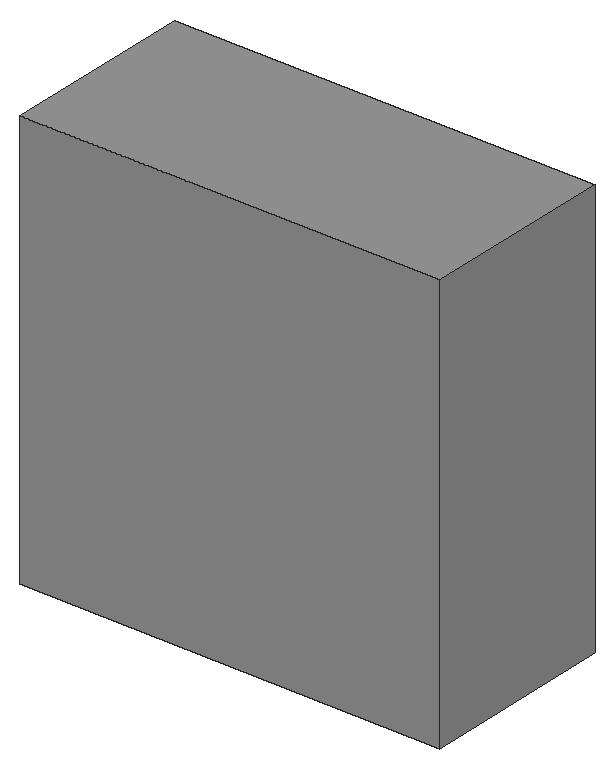
Revit family "BM_Zentrale_V1700", category Brandmelder, Revit 2017
Family settings
  Beschriftungsausrichtung beibehalten = Nein
  Bemaßung runder Anschluss = Durchmesser verwenden
  Teiletyp = Normal
  OmniClass-Nummer = 23.85.30.21
  OmniClass-Titel = Environmental Detection/Registration
  Arbeitsebenenbasiert = Nein
  Immer vertikal = Ja
  Beim Laden mit Abzugskörper schneiden = Ja
  Gemeinsam genutzt = Nein
  Raumberechnungspunkt = Nein
Parameters (values of type "RWA_Zentrale")
  pbr_Material_KZ = ""
  pbr_Material = none
  pbr_E_Typ = ""
  pbr_E_KZ = ""
  pbr_DINBild = 0
  pbr_Bild = 0
  pbr_3Dx_Delta_Korrekturversatz [instance] = 0 mm
  pbr_3DX_Versatzfaktor [instance] = 0
  pbr_2DY_Versatzfaktor [instance] = 0
  pbr_2DX_Versatzfaktor [instance] = 0
  lfd_STRK [instance] = 0
  Zentrale [instance] = ""
  Winkel [instance] = 90.00°
  Typ [instance] = ""
  Tiefe = 37 mm
  Text3 [instance] = ""
  Text2 [instance] = ""
  Text1 [instance] = ""
  Spannung [instance] = 0
  Scheinleistung [instance] = 0 VA
  RWA Zentrale = yes
  RAS-Zentrale = no
  Polig [instance] = 1
  Planungsbüro Osnabrück = "www.pbr.de"
  Netzart = ""
  Nennstrom [instance] = 0
  Menge (Dosenzahl) [instance] = 1
  Länge = Breite  # 80 mm
  Loop [instance] = ""
  Linie/Anschluss [instance] = ""
  Leistungsfaktor [instance] = 0
  Lastklassifizierung = none
  Installationsart = ""
  Info [instance] = ""
  Gewerk [instance] = "RWA"
  Eckversatz [instance] = 0 mm
  YFrontversatz [instance] = if(pbr_2DY_Versatzfaktor = 300, 0 mm, pbr_2DY_Versatzfaktor * 300 mm)  # 0 mm
  XSeitenversatz [instance] = if(pbr_2DX_Versatzfaktor = 0, 3000 mm, 3000 mm + (pbr_2DX_Versatzfaktor * 300 mm)) + Eckversatz  # 3000 mm
  X3Dversatz [instance] = if([3DX_Versatzkontrolle] = 0, 2000 mm, 2000 mm + ([3DX_Versatzkontrolle] * (300 mm - Breite))) + pbr_3Dx_Delta_Korrekturversatz  # 2000 mm
  Niveau [instance] = 1200 mm
  Bus [instance] = ""
  Breite = 80 mm
  Brandmeldezentrale (BMA) = no
  Brandfallsteuerung = no
  Betriebsstrom ruhe [instance] = 0
  Betriebsstrom max [instance] = 0
  3DX_Versatzkontrolle [instance] = if(pbr_3DX_Versatzfaktor = 0, (pbr_2DX_Versatzfaktor * -1), (((-1 * pbr_3DX_Versatzfaktor) + pbr_2DX_Versatzfaktor) * -1))  # 0
Types (4, lengths in mm): name | RWA Zentrale | RAS-Zentrale | Gewerk | Brandmeldezentrale (BMA) | Brandfallsteuerung
  RWA_Zentrale | yes | no | "RWA" | no | no
  BMA_Zentrale | no | no | "Brandmelder" | yes | no
  Brandfallsteuerung | no | no | "Brandmelder" | no | yes
  RAS_Zentrale | no | yes | "RAS" | no | no
Reference planes
  plane 1 "Mitte (Vorne/Hinten)": y = 0
  plane 2: z = 0
  plane 3 "Mitte (Links/Rechts)": x = 22.5
  plane 4: x = -127.5
  plane 5: x = 172.5
  plane 6: y = 300
  plane 7 "Schalterhinten": y = 0
  plane 8: x = -2977.5
  plane 9: x = 22.5
  plane 10: x = -1977.5
  plane 11: x = -17.5
  plane 12: x = 62.5
  plane 13: z = 1240
  plane 14: z = 1160
  plane 15 "SchalterVorne": y = 37
  plane 16 "3DMitte": x = 22.5
  plane 17 "Achse": z = 1200
  plane 18: z = 1197.5
  plane 19: z = 1202.5
  plane 20 "2DMitte": y = 150
Forms (mm)
  Extrusion 1, solid, material "Stahl, weich, geschweißt"
    sketch origin (0, 20, 0) x (0, 0, 1) y (-1, 0, 0)
      loop
        line (1160, 17.5) -> (1160, -62.5) -> (1240, -62.5) -> (1240, 17.5) -> (1160, 17.5)
    from -17 to 20
Dimensions and locks
  locked: plane 6 to plane 7 "Schalterhinten" at 300
  "XSeitenversatz": plane 8 to plane 9
  plane 8 to plane 3 "Mitte (Links/Rechts)" = 3000 mm
  "YFrontversatz": plane 1 "Mitte (Vorne/Hinten)" to plane 7 "Schalterhinten"
  "Breite": plane 12 to plane 11
  "Länge": plane 13 to plane 14
  plane 9 to plane 10 = 2000 mm
  equal spacing: plane 12, plane 16 "3DMitte", plane 11
  "X3Dversatz": plane 16 "3DMitte" to plane 10
  equal spacing: plane 13, plane 17 "Achse", plane 14
  "Niveau": plane 17 "Achse" to level
  "Tiefe": plane 15 "SchalterVorne" to plane 1 "Mitte (Vorne/Hinten)"
  plane 13 to plane 18 = 42.5 mm
  plane 19 to plane 14 = 42.5 mm
  equal spacing: plane 4, plane 9, plane 5, locked at 150 each
  locked: plane 4 to plane 5 at 300
  equal spacing: plane 6, plane 20 "2DMitte", plane 7 "Schalterhinten", locked at 150 each
  aligned and locked: level to plane 2
  aligned and locked: Extrusion 1 sketch curve to plane 14
  aligned and locked: Extrusion 1 sketch curve to plane 11
  aligned and locked: Extrusion 1 sketch curve to plane 13
  aligned and locked: plane 12 to Extrusion 1 sketch curve
  aligned and locked: plane 1 "Mitte (Vorne/Hinten)" to Extrusion 1
  aligned and locked: Extrusion 1 to plane 15 "SchalterVorne"
  aligned and locked: nested 1 to plane 9
  aligned and locked: plane 7 "Schalterhinten" to nested 1
  aligned and locked: plane 3 "Mitte (Links/Rechts)" to nested 2
  aligned and locked: plane 1 "Mitte (Vorne/Hinten)" to nested 2
  aligned and locked: plane 3 "Mitte (Links/Rechts)" to nested 3
  aligned and locked: plane 1 "Mitte (Vorne/Hinten)" to nested 3
  aligned and locked: plane 3 "Mitte (Links/Rechts)" to nested 4
  aligned and locked: plane 1 "Mitte (Vorne/Hinten)" to nested 4
Nested families
  nested 1: "RWA Zentrale" at (22.5, 0, 0), Winkel <- "Winkel", visible <- "RWA Zentrale", type "Brandmeldezentrale"
  nested 2: "Brandmeldezentrale" at (22.5, 0, 0), visible <- "Brandmeldezentrale (BMA)", type "Brandmeldezentrale"
  nested 3: "BMA_RAS-System" at (22.5, 0, 0), visible <- "RAS-Zentrale", type "BMA_RAS-System"
    with Winkel 90.00°
  nested 4: "Brandfallsteuerung" at (22.5, 0, 0), visible <- "Brandfallsteuerung", type "Brandfallsteuerung"
    with Winkel 90.00°
Connectors
  electrical at (22.5, 0, 1200)
    settings: on Extrusion 1, index 1, voltage 0 V, apparent load 0 VA, apparent load phase1 0 VA, apparent load phase2 0 VA, apparent load phase3 0 VA, power factor 1, load classification "Sonstige", number of poles 1, system type 11, power factor state 1, is connector primary yes, connector utility no, sub classification motor no, connector description ""
Definition of nested family "RWA Zentrale"
  Parameters (values of type "Brandmeldezentrale")
    Winkel [instance] = 90.00°
  Types (6): name
    Brandmeldezentrale
    Brandmelde Paralleltableau
    Lageplantableau
    Feuerwehrbedienfeld
    Rauchwarnzentrale
    Feststellzentrale
  Reference planes
    plane 1 "Mitte (Vorne/Hinten)": y = 0
    plane 2: z = 0
    plane 3 "Mitte (Links/Rechts)": x = 0
    plane 4: x = 0
  Lines and regions (mm)
    detail lines, in view "Referenzebene"
      curve 1: line (-334.023, 330, 0) -> (334.023, 330, 0)
      curve 2: line (334.023, 330, 0) -> (334.023, 0, 0)
      curve 3: line (334.023, 0, 0) -> (-334.023, 0, 0)
      curve 4: line (-334.023, 0, 0) -> (-334.023, 330, 0)
  Dimensions and locks
    "Winkel": angle nested 1 to plane 3 "Mitte (Links/Rechts)"
  Automatic sketch dimensions
    plane 1 "Mitte (Vorne/Hinten)" to curve 4 = 0 mm
    curve 4 to plane 3 "Mitte (Links/Rechts)" = 334.023 mm
    plane 3 "Mitte (Links/Rechts)" to curve 3 = 334.023 mm
    curve 2 to plane 1 "Mitte (Vorne/Hinten)" = 330 mm
  Nested families
    nested 1: "text_RWA Zentrale" at (0, 170, 0), type "text_RWA Zentrale", in view "Referenzebene"
  Definition of nested family "text_RWA Zentrale"
    Parameters (values of type "text_RWA Zentrale")
      Z = yes
      W = yes
      V = yes
      R = yes
      A = yes
      3 = yes
      2 = yes
      0 = yes
    Reference planes
      plane 1 "Mitte (Vorne/Hinten)": y = 0
      plane 2: z = 0
      plane 3 "Mitte (Links/Rechts)": x = 0
    Lines and regions (mm)
      Filled region 1, type "Beton", in view "Referenzebene", visible <- "2"
        outline origin (-555.525, -282.925, 0) x (1, 0, 0) y (0, 1, 0)
          loop
            spline (-489.03, 273.745) -> (-470.381, 294.401) -> (-448.767, 312.962) -> (-429.754, 330.284) -> (-414.011, 347.732) -> (-403.693, 369.511) -> (-403.806, 394.342) -> (-414.412, 413.922) -> (-436.145, 427.91) -> (-460.452, 430.848) -> (-484.813, 425.971) -> (-503.37, 411.886) -> (-515.126, 379.683)
            line (-515.126, 379.683) -> (-492.808, 377.338)
            spline (-492.808, 377.338) -> (-486.448, 399.75) -> (-468.732, 411.642) -> (-446.095, 411.232) -> (-429.074, 398.039) -> (-425.175, 376.72) -> (-434.478, 356.442) -> (-448.591, 340.697) -> (-466.364, 324.676) -> (-485.146, 308.776) -> (-499.197, 295.036) -> (-512.909, 276.266) -> (-519.326, 252.793)
            line (-519.326, 252.793) -> (-402.054, 252.793) -> (-402.054, 273.745) -> (-489.03, 273.745)
      Filled region 2, type "Beton", in view "Referenzebene", visible <- "3"
        outline origin (-529.335, -298.034, 0) x (1, 0, 0) y (0, 1, 0)
          loop
            line (-395.418, 398.371) -> (-394.76, 402.005)
            spline (-394.76, 402.005) -> (-387.897, 418.625) -> (-379.549, 426.139) -> (-368.673, 430.022) -> (-356.981, 429.893) -> (-346.184, 425.684) -> (-337.69, 416.615) -> (-334.641, 406.815) -> (-335.288, 394.212) -> (-340.502, 384.496) -> (-350.695, 377.342) -> (-360.913, 373.971) -> (-374.034, 373.228)
            line (-374.034, 373.228) -> (-376.374, 354.166)
            spline (-376.374, 354.166) -> (-359.127, 356.492) -> (-343.716, 352.537) -> (-332.89, 343.45) -> (-327.303, 330.658) -> (-326.656, 315.515) -> (-331.773, 302.124) -> (-340.904, 291.986) -> (-354.635, 285.82) -> (-369.633, 285.791) -> (-381.908, 290.861) -> (-391.151, 301.382) -> (-397.621, 319.919)
            line (-397.621, 319.919) -> (-419.269, 316.876)
            spline (-419.269, 316.876) -> (-411.177, 292.038) -> (-395.366, 275.909) -> (-381.976, 269.715) -> (-363.45, 267.002) -> (-345.812, 268.97) -> (-329.796, 275.747) -> (-314.499, 289.317) -> (-306.16, 304.452) -> (-303.209, 322.984) -> (-306.012, 340.292) -> (-316.522, 356.219) -> (-333.883, 365.628)
            line (-333.883, 365.628) -> (-336.382, 366.251)
            spline (-336.382, 366.251) -> (-321.679, 376.553) -> (-313.515, 390.807) -> (-312.143, 407.235) -> (-316.44, 421.562) -> (-326.699, 435.089) -> (-339.865, 443.333) -> (-355.714, 447.732) -> (-371.657, 447.774) -> (-387.152, 443.567) -> (-400.833, 434.632) -> (-410.38, 422.075) -> (-417.21, 402.316)
            line (-417.21, 402.316) -> (-395.418, 398.371)
      Filled region 3, type "Beton", in view "Referenzebene", visible <- "0"
        outline origin (-1378.086, -295.983, 0) x (1, 0, 0) y (0, 1, 0)
          loop
            spline (608.967, 283.154) -> (620.614, 285.71) -> (631.467, 293.202) -> (640.787, 305.121) -> (647.938, 320.654) -> (652.434, 338.743) -> (653.967, 358.154) -> (652.434, 377.566) -> (647.938, 395.654) -> (640.787, 411.187) -> (631.467, 423.106) -> (620.614, 430.599) -> (608.967, 433.154)
            spline (608.967, 433.154) -> (597.32, 430.599) -> (586.467, 423.106) -> (577.147, 411.187) -> (569.996, 395.654) -> (565.501, 377.566) -> (563.967, 358.154) -> (565.501, 338.743) -> (569.996, 320.654) -> (577.147, 305.121) -> (586.467, 293.202) -> (597.32, 285.71) -> (608.967, 283.154)
          loop
            spline (609.476, 264.207) -> (626.299, 267.444) -> (641.976, 276.935) -> (655.438, 292.032) -> (665.767, 311.707) -> (672.261, 334.619) -> (674.476, 359.207) -> (672.261, 383.795) -> (665.767, 406.707) -> (655.438, 426.382) -> (641.976, 441.479) -> (626.299, 450.97) -> (609.476, 454.207)
            spline (609.476, 454.207) -> (592.652, 450.97) -> (576.976, 441.479) -> (563.514, 426.382) -> (553.184, 406.707) -> (546.69, 383.795) -> (544.476, 359.207) -> (546.69, 334.619) -> (553.184, 311.707) -> (563.514, 292.032) -> (576.976, 276.935) -> (592.652, 267.444) -> (609.476, 264.207)
      Filled region 4, type "Beton", in view "Referenzebene", visible <- "Z"
        outline origin (-1729.514, -724.868, 0) x (1, 0, 0) y (0, 1, 0)
          loop
            line (1923.341, 813.125) -> (1923.341, 792.304) -> (2023.372, 792.304) -> (1913.24, 656.304) -> (1913.24, 635.74) -> (2053.24, 635.74) -> (2053.24, 656.304) -> (1940.242, 656.304) -> (2050.373, 792.304) -> (2050.373, 813.125) -> (1923.341, 813.125)
      Filled region 5, type "Beton", in view "Referenzebene", visible <- "A"
        outline origin (2236.927, -720.156, 0) x (1, 0, 0) y (0, 1, 0)
          loop
            line (-2227.226, 630.722) -> (-2202.399, 630.722) -> (-2182.836, 684.472) -> (-2108.572, 684.472) -> (-2087.756, 630.722) -> (-2061.151, 630.722) -> (-2133.884, 808.107) -> (-2158.884, 808.107) -> (-2227.226, 630.722)
          loop
            line (-2175.945, 703.402) -> (-2115.903, 703.402) -> (-2147.136, 789.214) -> (-2175.945, 703.402)
      Filled region 6, type "Beton", in view "Referenzebene", visible <- "W"
        outline origin (-1712.318, -663.484, 0) x (1, 0, 0) y (0, 1, 0)
          loop
            line (1525.52, 751.356) -> (1573.05, 573.971) -> (1598.05, 573.971) -> (1639.461, 728.519) -> (1682.458, 573.971) -> (1705.069, 573.971) -> (1753.957, 751.356) -> (1730.141, 751.356) -> (1693.366, 598.693) -> (1654.177, 751.356) -> (1625.066, 751.356) -> (1584.201, 598.846) -> (1549.694, 751.356) -> (1525.52, 751.356)
      Filled region 7, type "Beton", in view "Referenzebene", visible <- "R"
        outline origin (-1014.616, -1032.06, 0) x (1, 0, 0) y (0, 1, 0)
          loop
            line (713.794, 1100.728) -> (713.794, 1041.738) -> (778.794, 1041.738)
            arc (778.794, 1041.738) -> (808.289, 1071.233) -> (778.794, 1100.728) r 29.495
            line (778.794, 1100.728) -> (713.794, 1100.728)
          loop
            line (690.435, 1120.011) -> (690.435, 942.626) -> (713.812, 942.626) -> (713.812, 1021.355) -> (743.347, 1021.355)
            spline (743.347, 1021.355) -> (751.614, 1020.86) -> (756.113, 1019.813) -> (759.33, 1018.707) -> (762.096, 1017.398) -> (764.706, 1015.734) -> (767.134, 1013.913) -> (769.382, 1012.01) -> (771.552, 1009.882) -> (773.807, 1007.385) -> (776.374, 1004.38) -> (779.743, 1000.215) -> (784.766, 993.509)
            line (784.766, 993.509) -> (816.561, 942.626) -> (846.561, 942.626) -> (821.191, 983.227)
            spline (821.191, 983.227) -> (816.586, 989.79) -> (812.548, 995.47) -> (808.977, 1000.333) -> (805.775, 1004.443) -> (802.869, 1007.863) -> (800.322, 1010.622) -> (798.247, 1012.742) -> (796.706, 1014.271) -> (795.338, 1015.488) -> (793.55, 1016.814) -> (790.594, 1018.833) -> (782.879, 1023.344)
            arc (782.879, 1023.344) -> (831.213, 1071.678) -> (782.879, 1120.011) r 48.334
            line (782.879, 1120.011) -> (690.435, 1120.011)
      Filled region 8, type "Beton", in view "Referenzebene", visible <- "V"
        outline origin (-1875.782, -690.667, 0) x (1, 0, 0) y (0, 1, 0)
          loop
            line (1288.475, 660.535) -> (1358.079, 837.92) -> (1334.222, 837.92) -> (1276.698, 679.872) -> (1221.091, 837.92) -> (1195.728, 837.92) -> (1264.442, 660.535) -> (1288.475, 660.535)
      detail lines, in view "Referenzebene"
        curve 1: line (-535.791, 74.868, 0) -> (-348.944, 74.868, 0)
    Dimensions and locks
      curve 1 to Filled region 5 = 164.302 mm
Definition of nested family "Brandmeldezentrale"
  Parameters (values of type "Brandmeldezentrale")
    Winkel = 90.00°
  Reference planes
    plane 1 "Mitte (Vorne/Hinten)": y = 0
    plane 2: z = 0
    plane 3 "Mitte (Links/Rechts)": x = 0
    plane 4: x = 0
    plane 5: y = 0
  Lines and regions (mm)
    detail lines, in view "Referenzebene"
      curve 1: line (-285, 330, 0) -> (285, 330, 0)
      curve 2: line (285, 330, 0) -> (285, 0, 0)
      curve 3: line (285, 0, 0) -> (-285, 0, 0)
      curve 4: line (-285, 0, 0) -> (-285, 330, 0)
  Dimensions and locks
    "Winkel": angle nested 1 to plane 3 "Mitte (Links/Rechts)"
  Automatic sketch dimensions
    plane 1 "Mitte (Vorne/Hinten)" to curve 4 = 0 mm
    curve 4 to plane 3 "Mitte (Links/Rechts)" = 285 mm
    plane 3 "Mitte (Links/Rechts)" to curve 3 = 285 mm
    curve 2 to plane 1 "Mitte (Vorne/Hinten)" = 330 mm
  Nested families
    nested 1: "text_Brandmeldezentrale" at (0, 166.486, 0), type "text_Brandmeldezentrale", in view "Referenzebene"
  Definition of nested family "text_Brandmeldezentrale"
    Parameters (values of type "text_Brandmeldezentrale")
      Z = yes
      M = yes
      B = yes
    Reference planes
      plane 1 "Mitte (Vorne/Hinten)": y = 0
      plane 2: z = 0
      plane 3 "Mitte (Links/Rechts)": x = 0
    Lines and regions (mm)
      Filled region 1, type "Beton", in view "Referenzebene", visible <- "B"
        outline origin (1504.968, -742.916, 0) x (1, 0, 0) y (0, 1, 0)
          loop
            line (-1754.981, 654.983) -> (-1689.981, 654.983)
            spline (-1689.981, 654.983) -> (-1669.966, 655.961) -> (-1659.542, 657.793) -> (-1648.82, 661.3) -> (-1637.724, 668.001) -> (-1630.142, 676.438) -> (-1625.058, 685.983) -> (-1621.754, 697.228) -> (-1621.21, 710.715) -> (-1623.14, 720.729) -> (-1628.446, 731.647) -> (-1635.839, 739.834) -> (-1649.444, 747.602)
            line (-1649.444, 747.602) -> (-1654.42, 749.413)
            spline (-1654.42, 749.413) -> (-1639.451, 760.614) -> (-1634.567, 767.7) -> (-1631.01, 776.482) -> (-1629.633, 786.098) -> (-1630.355, 795.039) -> (-1633.713, 804.993) -> (-1638.256, 813.115) -> (-1644.02, 819.578) -> (-1651.847, 825.092) -> (-1660.93, 828.999) -> (-1671.058, 831.242) -> (-1689.981, 832.368)
            line (-1689.981, 832.368) -> (-1754.981, 832.368) -> (-1754.981, 654.983)
          loop
            line (-1731.482, 675.966) -> (-1689.981, 675.966)
            spline (-1689.981, 675.966) -> (-1671.206, 676.757) -> (-1661.651, 679.635) -> (-1654.253, 684.255) -> (-1648.892, 691.337) -> (-1645.703, 700.585) -> (-1645.447, 709.817) -> (-1647.731, 718.905) -> (-1652.861, 726.716) -> (-1659.813, 732.01) -> (-1669.511, 735.298) -> (-1678.277, 736.494) -> (-1689.981, 736.963)
            line (-1689.981, 736.963) -> (-1731.482, 736.963) -> (-1731.482, 675.966)
          loop
            line (-1731.533, 757.866) -> (-1684.252, 757.866)
            spline (-1684.252, 757.866) -> (-1669.631, 760.274) -> (-1662.882, 763.464) -> (-1657.312, 768.71) -> (-1653.756, 776.118) -> (-1652.681, 784.247) -> (-1653.523, 791.906) -> (-1656.642, 799.442) -> (-1661.367, 804.899) -> (-1668.399, 808.833) -> (-1675.459, 810.39) -> (-1684.015, 811.185) -> (-1700.22, 811.426)
            line (-1700.22, 811.426) -> (-1731.533, 811.426) -> (-1731.533, 757.866)
      Filled region 2, type "Beton", in view "Referenzebene", visible <- "M"
        outline origin (144.702, -1030.56, 0) x (1, 0, 0) y (0, 1, 0)
          loop
            line (-213.693, 942.626) -> (-213.693, 1096.081) -> (-162.227, 942.626) -> (-140.741, 942.626) -> (-89.682, 1090.913) -> (-89.682, 942.626) -> (-66.978, 942.626) -> (-66.978, 1120.011) -> (-98.249, 1120.011) -> (-150.482, 968.315) -> (-201.357, 1120.011) -> (-236.357, 1120.011) -> (-236.357, 942.626) -> (-213.693, 942.626)
      Filled region 3, type "Beton", in view "Referenzebene", visible <- "Z"
        outline origin (-1942.167, -792.499, 0) x (1, 0, 0) y (0, 1, 0)
          loop
            line (2062.104, 882.257) -> (2062.104, 861.435) -> (2162.134, 861.435) -> (2052.003, 725.435) -> (2052.003, 704.872) -> (2192.003, 704.872) -> (2192.003, 725.435) -> (2079.005, 725.435) -> (2189.136, 861.435) -> (2189.136, 882.257) -> (2062.104, 882.257)
Definition of nested family "BMA_RAS-System"
  Parameters (values of type "BMA_RAS-System")
    Winkel [instance] = 90.00°
  Reference planes
    plane 1 "Mitte (Vorne/Hinten)": y = 0
    plane 2: z = 0
    plane 3 "Mitte (Links/Rechts)": x = 0
  Lines and regions (mm)
    detail lines, in view "Referenzebene"
      curve 1: line (-317.97, 0, 0) -> (-317.97, 359.624, 0)
      curve 2: line (-317.97, 359.624, 0) -> (333.51, 359.624, 0)
      curve 3: line (333.51, 359.624, 0) -> (333.51, 0, 0)
      curve 4: line (333.51, 0, 0) -> (-317.97, 0, 0)
  Dimensions and locks
    "Winkel": angle nested 1 to plane 3 "Mitte (Links/Rechts)"
  Automatic sketch dimensions
    plane 1 "Mitte (Vorne/Hinten)" to curve 4 = 0 mm
    curve 1 to plane 3 "Mitte (Links/Rechts)" = 317.97 mm
    plane 3 "Mitte (Links/Rechts)" to curve 3 = 333.51 mm
    curve 3 to plane 1 "Mitte (Vorne/Hinten)" = 359.624 mm
  Nested families
    nested 1: "text_BMA_RAS-System" at (0, 189.624, 0), type "text_BMA_RAS-System", in view "Referenzebene"
  Definition of nested family "text_BMA_RAS-System"
    Parameters (values of type "text_BMA_RAS-System")
      S = yes
      R = yes
      A = yes
    Reference planes
      plane 1 "Mitte (Vorne/Hinten)": y = 0
      plane 2: z = 0
      plane 3 "Mitte (Links/Rechts)": x = 0
      plane 4: y = 88.031
      plane 5: x = 267.295
      plane 6: y = -89.354
      plane 7: x = -268.268
    Lines and regions (mm)
      Filled region 1, type "Beton", in view "Referenzebene", visible <- "R"
        outline origin (-958.72, -1031.98, 0) x (1, 0, 0) y (0, 1, 0)
          loop
            line (713.794, 1100.728) -> (713.794, 1041.738) -> (778.794, 1041.738)
            arc (778.794, 1041.738) -> (808.289, 1071.233) -> (778.794, 1100.728) r 29.495
            line (778.794, 1100.728) -> (713.794, 1100.728)
          loop
            line (690.435, 1120.011) -> (690.435, 942.626) -> (713.812, 942.626) -> (713.812, 1021.355) -> (743.347, 1021.355)
            spline (743.347, 1021.355) -> (751.614, 1020.86) -> (756.113, 1019.813) -> (759.33, 1018.707) -> (762.096, 1017.398) -> (764.706, 1015.734) -> (767.134, 1013.913) -> (769.382, 1012.01) -> (771.552, 1009.882) -> (773.807, 1007.385) -> (776.374, 1004.38) -> (779.743, 1000.215) -> (784.766, 993.509)
            line (784.766, 993.509) -> (816.561, 942.626) -> (846.561, 942.626) -> (821.191, 983.227)
            spline (821.191, 983.227) -> (816.586, 989.79) -> (812.548, 995.47) -> (808.977, 1000.333) -> (805.775, 1004.443) -> (802.869, 1007.863) -> (800.322, 1010.622) -> (798.247, 1012.742) -> (796.706, 1014.271) -> (795.338, 1015.488) -> (793.55, 1016.814) -> (790.594, 1018.833) -> (782.879, 1023.344)
            arc (782.879, 1023.344) -> (831.213, 1071.678) -> (782.879, 1120.011) r 48.334
            line (782.879, 1120.011) -> (690.435, 1120.011)
      Filled region 2, type "Beton", in view "Referenzebene", visible <- "A"
        outline origin (1563.462, -752.099, 0) x (1, 0, 0) y (0, 1, 0)
          loop
            line (-1642.849, 662.745) -> (-1618.022, 662.745) -> (-1598.459, 716.495) -> (-1524.195, 716.495) -> (-1503.379, 662.745) -> (-1476.774, 662.745) -> (-1549.507, 840.13) -> (-1574.507, 840.13) -> (-1642.849, 662.745)
          loop
            line (-1591.568, 735.426) -> (-1531.526, 735.426) -> (-1562.759, 821.237) -> (-1591.568, 735.426)
      Filled region 3, type "Beton", in view "Referenzebene", visible <- "S"
        outline origin (-296.65, -784.011, 0) x (1, 0, 0) y (0, 1, 0)
          loop
            line (536.575, 824.65) -> (558.831, 826.33)
            spline (558.831, 826.33) -> (540.801, 864.723) -> (506.136, 878.148) -> (467.26, 874.91) -> (437.284, 853.643) -> (433.393, 816.526) -> (457.822, 790.861) -> (496.824, 779.083) -> (532.119, 766.188) -> (537.408, 732.582) -> (504.065, 717.147) -> (466.554, 724.064) -> (445.343, 757.803)
            line (445.343, 757.803) -> (423.103, 755.857)
            spline (423.103, 755.857) -> (440.641, 714.96) -> (474.009, 698.15) -> (513.364, 696.766) -> (547.589, 711.997) -> (564.349, 745.933) -> (551.528, 780.544) -> (518.18, 797.59) -> (477.756, 808.071) -> (452.621, 830.328) -> (475.424, 856.812) -> (514.04, 855.655) -> (536.575, 824.65)
    Dimensions and locks
      plane 7 to plane 3 "Mitte (Links/Rechts)" to plane 5 = 268.268 mm, 267.295 mm
      plane 4 to plane 1 "Mitte (Vorne/Hinten)" = 88.031 mm
Definition of nested family "Brandfallsteuerung"
  Parameters (values of type "Brandfallsteuerung")
    Winkel [instance] = 90.00°
  Reference planes
    plane 1 "Mitte (Vorne/Hinten)": y = 0
    plane 2: z = 0
    plane 3 "Mitte (Links/Rechts)": x = 0
  Lines and regions (mm)
    detail lines, in view "Referenzebene"
      curve 1: line (-359.182, 0, 0) -> (-359.182, 359.624, 0)
      curve 2: line (-359.182, 359.624, 0) -> (400.818, 359.624, 0)
      curve 3: line (400.818, 359.624, 0) -> (400.818, 0, 0)
      curve 4: line (400.818, 0, 0) -> (-359.182, 0, 0)
  Dimensions and locks
    "Winkel": angle nested 1 to plane 3 "Mitte (Links/Rechts)"
  Automatic sketch dimensions
    plane 1 "Mitte (Vorne/Hinten)" to curve 4 = 0 mm
    curve 1 to plane 3 "Mitte (Links/Rechts)" = 359.182 mm
    plane 3 "Mitte (Links/Rechts)" to curve 3 = 400.818 mm
    curve 3 to curve 3 = 359.624 mm
  Nested families
    nested 1: "text_Brandfallsteuerung" at (20.818, 179.624, 0), type "text_Brandfallsteuerung", in view "Referenzebene"
  Definition of nested family "text_Brandfallsteuerung"
    Parameters (values of type "text_Brandfallsteuerung")
      R = yes
      N = yes
      D = yes
      B = yes
      A = yes
    Reference planes
      plane 1 "Mitte (Vorne/Hinten)": y = 0
      plane 2: z = 0
      plane 3 "Mitte (Links/Rechts)": x = 0
      plane 4: y = 89.195
      plane 5: x = -377.508
      plane 6: y = -88.19
      plane 7: x = 376.618
    Lines and regions (mm)
      Filled region 1, type "Beton", in view "Referenzebene", visible <- "B"
        outline origin (1356.423, -846.605, 0) x (1, 0, 0) y (0, 1, 0)
          loop
            line (-1733.88, 758.415) -> (-1668.88, 758.415)
            spline (-1668.88, 758.415) -> (-1648.865, 759.394) -> (-1638.441, 761.225) -> (-1627.719, 764.733) -> (-1616.623, 771.433) -> (-1609.041, 779.87) -> (-1603.957, 789.415) -> (-1600.653, 800.66) -> (-1600.109, 814.147) -> (-1602.039, 824.161) -> (-1607.346, 835.079) -> (-1614.738, 843.266) -> (-1628.343, 851.034)
            line (-1628.343, 851.034) -> (-1633.319, 852.845)
            spline (-1633.319, 852.845) -> (-1618.35, 864.047) -> (-1613.466, 871.132) -> (-1609.91, 879.915) -> (-1608.532, 889.53) -> (-1609.254, 898.472) -> (-1612.612, 908.425) -> (-1617.155, 916.548) -> (-1622.919, 923.01) -> (-1630.746, 928.524) -> (-1639.829, 932.431) -> (-1649.957, 934.674) -> (-1668.88, 935.8)
            line (-1668.88, 935.8) -> (-1733.88, 935.8) -> (-1733.88, 758.415)
          loop
            line (-1710.381, 779.398) -> (-1668.88, 779.398)
            spline (-1668.88, 779.398) -> (-1650.105, 780.189) -> (-1640.55, 783.067) -> (-1633.152, 787.687) -> (-1627.791, 794.77) -> (-1624.602, 804.017) -> (-1624.347, 813.25) -> (-1626.63, 822.338) -> (-1631.761, 830.148) -> (-1638.712, 835.443) -> (-1648.41, 838.73) -> (-1657.176, 839.926) -> (-1668.88, 840.396)
            line (-1668.88, 840.396) -> (-1710.381, 840.396) -> (-1710.381, 779.398)
          loop
            line (-1710.432, 861.299) -> (-1663.151, 861.299)
            spline (-1663.151, 861.299) -> (-1648.53, 863.706) -> (-1641.781, 866.896) -> (-1636.211, 872.142) -> (-1632.655, 879.55) -> (-1631.58, 887.68) -> (-1632.422, 895.339) -> (-1635.541, 902.874) -> (-1640.266, 908.331) -> (-1647.298, 912.266) -> (-1654.358, 913.823) -> (-1662.914, 914.617) -> (-1679.119, 914.858)
            line (-1679.119, 914.858) -> (-1710.432, 914.858) -> (-1710.432, 861.299)
      Filled region 2, type "Beton", in view "Referenzebene", visible <- "R"
        outline origin (-934.966, -762.588, 0) x (1, 0, 0) y (0, 1, 0)
          loop
            line (724.348, 832.5) -> (724.348, 773.51) -> (789.348, 773.51)
            arc (789.348, 773.51) -> (818.843, 803.005) -> (789.348, 832.5) r 29.495
            line (789.348, 832.5) -> (724.348, 832.5)
          loop
            line (700.989, 851.783) -> (700.989, 674.398) -> (724.365, 674.398) -> (724.365, 753.127) -> (753.901, 753.127)
            spline (753.901, 753.127) -> (762.167, 752.631) -> (766.666, 751.584) -> (769.884, 750.479) -> (772.65, 749.169) -> (775.26, 747.506) -> (777.687, 745.684) -> (779.936, 743.782) -> (782.106, 741.654) -> (784.361, 739.156) -> (786.928, 736.152) -> (790.297, 731.987) -> (795.32, 725.281)
            line (795.32, 725.281) -> (827.115, 674.398) -> (857.115, 674.398) -> (831.744, 714.999)
            spline (831.744, 714.999) -> (827.14, 721.562) -> (823.102, 727.242) -> (819.531, 732.105) -> (816.329, 736.215) -> (813.422, 739.634) -> (810.876, 742.394) -> (808.8, 744.514) -> (807.26, 746.042) -> (805.892, 747.26) -> (804.104, 748.586) -> (801.147, 750.605) -> (793.433, 755.116)
            arc (793.433, 755.116) -> (841.766, 803.449) -> (793.433, 851.783) r 48.334
            line (793.433, 851.783) -> (700.989, 851.783)
      Filled region 3, type "Beton", in view "Referenzebene", visible <- "A"
        outline origin (2008.013, -1030.816, 0) x (1, 0, 0) y (0, 1, 0)
          loop
            line (-2102.291, 942.626) -> (-2077.464, 942.626) -> (-2057.901, 996.376) -> (-1983.637, 996.376) -> (-1962.821, 942.626) -> (-1936.216, 942.626) -> (-2008.949, 1120.011) -> (-2033.949, 1120.011) -> (-2102.291, 942.626)
          loop
            line (-2051.01, 1015.307) -> (-1990.968, 1015.307) -> (-2022.201, 1101.118) -> (-2051.01, 1015.307)
      Filled region 4, type "Beton", in view "Referenzebene", visible <- "N"
        outline origin (79.884, -719.796, 0) x (1, 0, 0) y (0, 1, 0)
          loop
            line (-5.331, 631.606) -> (17.609, 631.606) -> (17.609, 770.256) -> (110.488, 631.606) -> (134.405, 631.606) -> (134.405, 808.991) -> (111.974, 808.991) -> (111.974, 669.913) -> (18.809, 808.991) -> (-5.331, 808.991) -> (-5.331, 631.606)
      Filled region 5, type "Beton", in view "Referenzebene", visible <- "D"
        outline origin (1809.714, -1030.892, 0) x (1, 0, 0) y (0, 1, 0)
          loop
            line (-1579.606, 1120.011) -> (-1579.606, 942.626) -> (-1514.73, 942.626)
            spline (-1514.73, 942.626) -> (-1486.192, 945.867) -> (-1466.08, 954.456) -> (-1450.87, 969.19) -> (-1440.463, 988.281) -> (-1434.65, 1009.899) -> (-1432.952, 1031.093) -> (-1434.248, 1052.074) -> (-1439.649, 1073.884) -> (-1450.554, 1094.023) -> (-1465.775, 1108.52) -> (-1485.479, 1117.154) -> (-1511.238, 1120.011)
            line (-1511.238, 1120.011) -> (-1579.606, 1120.011)
          loop
            line (-1556.171, 963.685) -> (-1513.712, 963.685)
            spline (-1513.712, 963.685) -> (-1507.122, 964.028) -> (-1502.078, 964.498) -> (-1498.256, 965.042) -> (-1495.33, 965.605) -> (-1492.98, 966.153) -> (-1490.915, 966.752) -> (-1488.852, 967.498) -> (-1486.509, 968.489) -> (-1483.626, 969.821) -> (-1480.286, 971.617) -> (-1476.855, 974.015) -> (-1473.708, 977.156)
            spline (-1473.708, 977.156) -> (-1463.315, 994.174) -> (-1459.555, 1006.254) -> (-1457.481, 1019.417) -> (-1456.828, 1032.796) -> (-1457.198, 1044.073) -> (-1459.54, 1058.845) -> (-1463.156, 1069.752) -> (-1470.015, 1081.077) -> (-1478.837, 1090.075) -> (-1489.758, 1095.98) -> (-1502.9, 1098.466) -> (-1516.171, 1099.08)
            line (-1516.171, 1099.08) -> (-1556.171, 1099.08) -> (-1556.171, 963.685)
    Dimensions and locks
      plane 5 to plane 3 "Mitte (Links/Rechts)" to plane 7 = 377.508 mm, 376.618 mm
      plane 4 to plane 1 "Mitte (Vorne/Hinten)" = 89.195 mm
